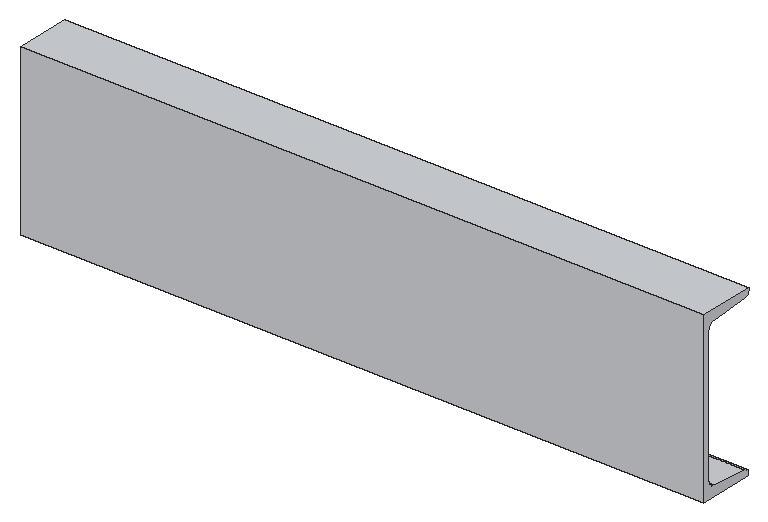
Revit family "StructuralFraming_TaperFlangeChannelProfile", category Structural Framing, Revit 2018
Family settings
  Structural Framing Length Roundoff = 1 mm
  Section Shape = C-channel Sloped Flange
  Material for Model Behavior = Steel
  Always export as geometry = No
  Always vertical = Yes
  Cut with Voids When Loaded = No
  Symbolic Representation = From Project Settings
  Shared = No
  Show family pre-cut in plan views = Yes
Parameters (values of type "TaperFlangeChannelProfile")
  Width = 100 mm
  Web Toe of Fillet = 0 mm
  Web Thickness = 10 mm
  Web Fillet = 16 mm
  Warping Constant = (empty or 0)
  Torsional Moment of Inertia = 0 cm⁴
  Torsional Modulus = 0 cm³
  Structural Material [instance] = none
  Sloped Flange Angle = 4.57°
  Shear Area weak axis = 0.0 cm²
  Shear Area strong axis = 0.0 cm²
  Section Area = 0.0 cm²
  Principal Axes Angle = 0.00°
  Plastic Modulus weak axis = 0 cm³
  Plastic Modulus strong axis = 0 cm³
  Perimeter = (empty or 0)
  Nominal Weight = 0 N/m
  Moment of Inertia weak axis = 0 cm⁴
  Moment of Inertia strong axis = 0 cm⁴
  Height = 300 mm
  Flange Thickness Location = Width / 2  # 50 mm
  Flange Thickness = 16 mm
  Flange Fillet = 8 mm
  Elastic Modulus weak axis = 0 cm³
  Elastic Modulus strong axis = 0 cm³
  Clear Web Height = 0 mm
  Centroid Vertical = 0 mm
  Centroid Horizontal = 27 mm
  Bolt Spacing = 0 mm
  built-in parameter 1005539 = (empty or 0)
  Assembly Code = ""
  Length [instance] = 1500 mm
Reference planes
  plane 1 "Center (Front/Back)": y = 0
  plane 2: z = 0
  plane 3 "Center (Left/Right)": x = 4.61
  plane 4 "Member Left": x = -604.99
  plane 5 "Member Right": x = 614.21
  plane 6 "Top": z = 150
  plane 7: z = -150
  plane 8 "Left": x = -757.39
  plane 9 "Right": x = 742.61
  plane 10: y = 73
  plane 11: y = -27
Forms (mm)
  Sweep 1, solid, material <- "Structural Material", detail levels medium
    path origin (0, 0, 0) x (1, 0, 0) y (0, 1, 0)
      loop
        line (614.21, 0) -> (-604.99, 0)
    profile "TaperFlangeChannelProfile-Medium : TaperFlangeChannelProfile-Medium" origin (4.61, 0, 0) x (0, -1, 0) y (0, 0, 1)
      loop
        line (-73, -150) -> (27, -150) -> (27, 150) -> (-73, 150) -> (-73, 137.997) -> (-23, 134) -> (17, 130.803) -> (17, -130.803) -> (-23, -134) -> (-73, -137.997) -> (-73, -150)
  Sweep 2, solid, material <- "Structural Material", detail levels fine
    path origin (0, 0, 0) x (1, 0, 0) y (0, 1, 0)
      loop
        line (614.21, 0) -> (-604.99, 0)
    profile "TaperFlangeChannelProfile-Fine : TaperFlangeChannelProfile-Fine" origin (4.61, 0, 0) x (0, -1, 0) y (0, 0, 1)
      loop
        line (-73, -150) -> (27, -150) -> (27, 150) -> (-73, 150) -> (-73, 145.383)
        arc (-73, 145.383) -> (-70.878, 139.956) -> (-65.637, 137.408) r 8
        line (-65.637, 137.408) -> (-23, 134) -> (2.275, 131.98)
        arc (2.275, 131.98) -> (12.756, 126.884) -> (17, 116.031) r 16
        line (17, 116.031) -> (17, -116.031)
        arc (17, -116.031) -> (12.756, -126.884) -> (2.275, -131.98) r 16
        line (2.275, -131.98) -> (-23, -134) -> (-65.637, -137.408)
        arc (-65.637, -137.408) -> (-70.878, -139.956) -> (-73, -145.383) r 8
        line (-73, -145.383) -> (-73, -150)
Lines and regions (mm)
  symbolic lines, style "Hidden Faces", detail levels medium+fine
    curve 1: line (-604.99, 0, 0) -> (614.21, 0, 0)
    curve 2: line (-604.99, 4.762, 128.5) -> (614.21, 4.762, 128.5)
    curve 3: line (-604.99, 4.763, -128.5) -> (614.21, 4.763, -128.5)
  symbolic lines, style "Stick Symbols", detail levels coarse
    curve 4: line (4.61, -27, 150) -> (4.61, 73, 150)
    curve 5: line (4.61, -27, -150) -> (4.61, -27, 150)
    curve 6: line (4.61, 73, -150) -> (4.61, -27, -150)
Dimensions and locks
  "Width": plane 10 to plane 11
  "Height": plane 7 to plane 6 "Top"
  "Centroid Horizontal": plane 1 "Center (Front/Back)" to plane 11
  equal spacing: plane 7, plane 2, plane 6 "Top"
  "Length": plane 8 "Left" to plane 9 "Right"
  aligned and locked: Sweep 1 sketch curve to plane 1 "Center (Front/Back)"
  aligned and locked: Sweep 2 sketch curve to plane 1 "Center (Front/Back)"
  aligned and locked: plane 4 "Member Left" to Sweep 1 sketch curve
  aligned and locked: plane 5 "Member Right" to Sweep 1 sketch curve
  aligned and locked: plane 4 "Member Left" to Sweep 2 sketch curve
  aligned and locked: plane 5 "Member Right" to Sweep 2 sketch curve
  aligned and locked: plane 4 "Member Left" to curve 1
  aligned and locked: plane 5 "Member Right" to curve 1
  aligned and locked: plane 4 "Member Left" to curve 2
  aligned and locked: plane 5 "Member Right" to curve 2
  aligned and locked: plane 4 "Member Left" to curve 3
  aligned and locked: plane 5 "Member Right" to curve 3
  aligned and locked: curve 5 to plane 11
Automatic sketch dimensions
  curve 1 to plane 1 "Center (Front/Back)" = 0 mm
  curve 3 to plane 7 = 21.5 mm
  plane 6 "Top" to curve 2 = 21.5 mm
  plane 7 to curve 6 = 0 mm
  curve 6 to plane 10 = 0 mm
  plane 6 "Top" to curve 4 = 0 mm
  curve 4 to plane 10 = 0 mm
